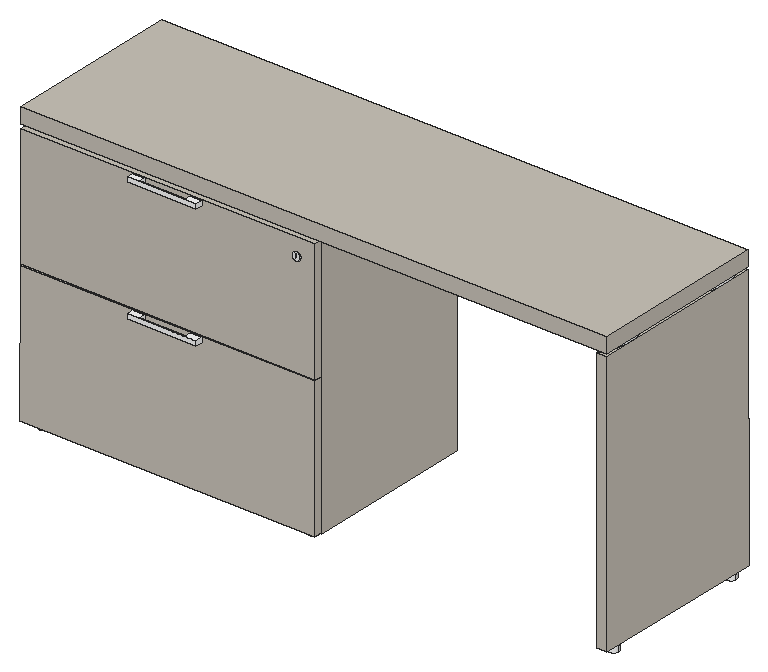
Revit family "Storage-Credenza-Teknion-B_ZUL_Single_Lateral_File-R2019", category Furniture, Revit 2019
Family settings
  OmniClass Number = 23.40.70.14.64.21
  OmniClass Title = Systems Furniture
  Work Plane-Based = No
  Always vertical = Yes
  Cut with Voids When Loaded = No
  Shared = Yes
  Room Calculation Point = No
Parameters (values of type "1-9/16" Thick WS, Wall Access Modesty Panel Style")
  Worksurface Thickness = 1.555"
  Worksurface Finish [instance] = Source Laminate - Teknion - DE - Latte
  Width [instance] = 60.000"
  Warranty = "http://www.teknion.com/ca/papers/legal-canada"
  Wall Access Modesty Panel Style = not([Flush, Full Modesty Panel Style])  # yes
  Unit Weight URL = "http://www.teknion.com/pricing/expansion-casegoods/pdfs/wv.pdf"
  URL = "http://www.teknion.com/"
  Sustainability Data = "http://www.teknion.com/about-teknion/environment/datasheets.asp"
  Storage Width [instance] = 30.000"
  Series = "Expansion Casegoods"  # constant formula
  Rectangular Grommet [instance] = no
  Product Page URL = "http://www.teknion.com/ca/products/product-details?productlineid=0053336e-8e7a-673b-a6c8-ff00004460c4"
  Product Line = "Expansion Casegoods"  # constant formula
  Product Documentation Link = "http://www.teknion.com/pricing/expansion-casegoods/pdfs/B_ZUL_ppg.pdf"
  Part Number = "B_ZUL"  # constant formula
  Hardware and Pull Finish [instance] = Mica - Teknion - V - Satin - Very White
  Drawer Front Finish [instance] = Source Laminate - Teknion - DE - Latte
  Case, Modesty Panel and Gable Finish [instance] = Source Laminate - Teknion - DE - Latte
  Available Widths [instance] = "60, 66, 72, 78, or 84 inches."  # constant formula
  No Grommet Option [instance] = not(or(Elliptical Grommet, Rectangular Grommet))  # yes
  Modesty Panel Height Offset [instance] = if(Wall Access Modesty Panel Style, 19.752", 0.000")  # 19.752"
  Modesty Panel Grommet [instance] = not(or(No Grommet Option, Wall Access Modesty Panel Style))  # no
  Model = "BXZUL9________"
  Manufacturer Phone = "416-661-3370"
  Manufacturer Fax = "416.661.4586"
  Manufacturer Contact Information = "http://www.teknion.com/ca/contactus"
  Manufacturer Address = "1150 Flint Road, Toronto, ON. M3J 2J5. Canada"
  Manufacturer = "Teknion"  # constant formula
  Grommet Option [instance] = "Please choose one of the following options below."  # constant formula
  Grommet Finish [instance] = Mica - Teknion - V - Satin - Very White
  Flush, Full Modesty Panel Style = no
  Elliptical Grommet [instance] = no
  Description = "Credenza with Single Lateral File, 1-9/16\" Worksurface Thickness, Wall Access Modesty Panel Style"
  Depth [instance] = 18.000"
  Available Storage Widths [instance] = "30 or 36 inches."  # constant formula
  Available Depths [instance] = "18 or 24 inches."  # constant formula
  Assembly Code = "E2020200"
  Actual Width [instance] = if(Width = 60.000", 59.700", if(Width = 66.000", 65.670", if(Width = 72.000", 71.640", if(Width = 78.000", 77.610", 83.580"))))  # 59.700"
Types (6): name | Worksurface Thickness | Wall Access Modesty Panel Style | Modesty Panel Height Offset | Model | Flush, Full Modesty Panel Style | Description
  1" Thick WS, Flush, Full Modesty Panel Style | 1.01575" | no | 0.000" | "BDZUL1________" | yes | "Credenza with Single Lateral File, 1\" Worksurface Thickness, Flush, Full Modesty Panel Style"
  1" Thick WS, Wall Access Modesty Panel Style | 1.016" | yes | 19.752" | "BDZUL9________" | no | "Credenza with Single Lateral File, 1\" Worksurface Thickness, Wall Access Modesty Panel Style"
  1-3/16" Thick WS, Wall Access Modesty Panel Style | 1.189" | yes | 19.752" | "BMZUL9________" | no | "Credenza with Single Lateral File, 1-3/16\" Worksurface Thickness, Wall Access Modesty Panel Style"
  1-3/16" Thick WS, Flush, Full Modesty Panel Style | 1.189" | no | 0.000" | "BMZUL1________" | yes | "Credenza with Single Lateral File, 1-3/16\" Worksurface Thickness, Flush, Full Modesty Panel Style"
  1-9/16" Thick WS, Flush, Full Modesty Panel Style | 1.555" | no | 0.000" | "BXZUL1________" | yes | "Credenza with Single Lateral File, 1-9/16\" Worksurface Thickness, Flush, Full Modesty Panel Style"
  1-9/16" Thick WS, Wall Access Modesty Panel Style | 1.555" | yes | 19.752" | "BXZUL9________" | no | "Credenza with Single Lateral File, 1-9/16\" Worksurface Thickness, Wall Access Modesty Panel Style"
Reference planes (in)
  plane 1 "Center F/B": y = 0
  plane 2 "Bottom": z = 0
  plane 3 "Center L/R": x = 0
  plane 4 "Left": x = -29.85
  plane 5 "Right": x = 29.85
  plane 6 "Back": y = 9
  plane 7 "Front": y = -9
  plane 8 "Top": z = 29.36209
  plane 9: z = 27.80709
  plane 10: x = 0.15
  plane 11 "Pedestal Bottom": z = 0.60236
  plane 12 "Wall Access Top": z = 27.48031
  plane 13: x = 28.83299
  plane 14: x = -14.85
  plane 15 "Plan Representation": z = 65.25
  plane 16: x = -14.85
  plane 17: x = -14.85
  plane 18: x = 14.4915
Forms (in)
  Sweep 1, solid, material "Source Laminate - Teknion - DE - Latte" <- "Case, Modesty Panel and Gable Finish"
    path origin (0, 0, 0) x (1, 0, 0) y (0, 0, 1)
      loop
        line (0.15, 0.60236) -> (0.15, 27.48031)
    profile origin (0.15, 0, 14.04134) x (-1, 0, 0) y (0, -1, 0)
      loop
        line (30, -9) -> (30, 8.16142) -> (0, 8.16142) -> (0, -9) -> (30, -9)
  Sweep 2, solid, material "Source Laminate - Teknion - DE - Latte" <- "Worksurface Finish"
    path origin (0, 0, 0) x (1, 0, 0) y (0, 0, 1)
      loop
        line (0, 29.36209) -> (0, 27.80709)
    profile origin (0, 0, 28.58459) x (0, -1, 0) y (1, 0, 0)
      loop
        line (-9, -29.85) -> (9, -29.85) -> (9, 29.85) -> (-9, 29.85) -> (-9, -29.85)
  Sweep 3, solid, material "Source Laminate - Teknion - DE - Latte" <- "Drawer Front Finish"
    path origin (0, 0, 0) x (0, 1, 0) y (0, 0, 1)
      loop
        line (-8.29921, 0.60236) -> (-9, 0.60236)
    profile origin (0, -8.64961, 0.60236) x (0, 0, -1) y (1, 0, 0)
      loop
        line (-14.27953, -29.85) -> (-0.11811, -29.85) -> (-0.11811, 0.15) -> (-14.27953, 0.15) -> (-14.27953, -29.85)
      loop
        line (-26.75984, -29.85) -> (-14.39764, -29.85) -> (-14.39764, 0.15) -> (-26.75984, 0.15) -> (-26.75984, -29.85)
  Sweep 4, solid, material "Mica - Teknion - V - Satin - Very White" <- "Hardware and Pull Finish"
    path origin (0, 0, 0) x (1, 0, 0) y (0, 0, 1)
      loop
        line (0.15, 0) -> (0.15, 0.60236)
    profile origin (0.15, 0, 0.30118) x (-1, 0, 0) y (0, -1, 0)
      loop
        circle (28.74, -7.74807) r 0.5
      loop
        circle (1.26, -7.74807) r 0.5
      loop
        circle (28.74, 7.61028) r 0.5
      loop
        circle (1.26, 7.61028) r 0.5
      loop
        circle (-29.19219, 7.47787) r 0.5
      loop
        circle (-29.19219, -7.4812) r 0.5
  Sweep 5, solid, material "Source Laminate - Teknion - DE - Latte" <- "Case, Modesty Panel and Gable Finish"
    path origin (0, 0, 0) x (1, 0, 0) y (0, 1, 0)
      loop
        line (0, 7.8661) -> (0, 6.85035)
    profile origin (0, 7.35823, 0) x (1, 0, 0) y (0, 0, 1)
      loop
        line (28.83299, 20.35436) -> (28.83299, 27.48031) -> (0.15, 27.48031) -> (0.15, 20.35436) -> (28.83299, 20.35436)
  Sweep 6, solid, material "Source Laminate - Teknion - DE - Latte" <- "Case, Modesty Panel and Gable Finish"
    path origin (0, 0, 0) x (1, 0, 0) y (0, 0, 1)
      loop
        line (29.85, 27.53543) -> (29.85, 0.60236)
    profile origin (29.85, 0, 14.0689) x (0, -1, 0) y (1, 0, 0)
      loop
        line (-9, 0) -> (-9, -1.01701) -> (9, -1.01701) -> (9, 0) -> (-9, 0)
  Sweep 7, solid, material "Mica - Teknion - V - Satin - Very White" <- "Hardware and Pull Finish"
    path origin (0, 0, 0) x (0, 1, 0) y (0, 0, 1)
      loop
        line (9, 27.53543) -> (9, 27.80709)
    profile origin (0, 9, 27.67126) x (0, -1, 0) y (1, 0, 0)
      loop
        spline (12.48324, 28.83299) -> (12.57239, 28.59045) -> (12.83376, 28.36443) -> (13.24955, 28.17034) -> (13.79141, 28.02141) -> (14.42242, 27.92779) -> (15.09958, 27.89586) -> (15.77673, 27.92779) -> (16.40775, 28.02141) -> (16.94961, 28.17034) -> (17.36539, 28.36443) -> (17.62676, 28.59045) -> (17.71591, 28.83299)
        spline (17.71591, 28.83299) -> (17.62676, 29.07554) -> (17.36539, 29.30156) -> (16.94961, 29.49565) -> (16.40775, 29.64458) -> (15.77673, 29.7382) -> (15.09958, 29.77013) -> (14.42242, 29.7382) -> (13.79141, 29.64458) -> (13.24955, 29.49565) -> (12.83376, 29.30156) -> (12.57239, 29.07554) -> (12.48324, 28.83299)
      loop
        spline (0.28366, 28.83299) -> (0.37281, 28.59045) -> (0.63419, 28.36443) -> (1.04997, 28.17034) -> (1.59183, 28.02141) -> (2.22284, 27.92779) -> (2.9, 27.89586) -> (3.57716, 27.92779) -> (4.20817, 28.02141) -> (4.75003, 28.17034) -> (5.16581, 28.36443) -> (5.42719, 28.59045) -> (5.51634, 28.83299)
        spline (5.51634, 28.83299) -> (5.42719, 29.07554) -> (5.16581, 29.30156) -> (4.75003, 29.49565) -> (4.20817, 29.64458) -> (3.57716, 29.7382) -> (2.9, 29.77013) -> (2.22284, 29.7382) -> (1.59183, 29.64458) -> (1.04997, 29.49565) -> (0.63419, 29.30156) -> (0.37281, 29.07554) -> (0.28366, 28.83299)
  Sweep 8, void
    path origin (0, 0, 0) x (1, 0, 0) y (0, 1, 0)
      loop
        line (-29.85, -9) -> (-29.85, -9.632)
    profile origin (-29.85, -9.316, 0) x (1, 0, 0) y (0, 0, 1)
      loop
        line (12.675, 14.8622) -> (12.675, 14.36221) -> (17.325, 14.36221) -> (17.325, 14.8622) -> (12.675, 14.8622)
      loop
        line (12.675, 27.34552) -> (12.675, 26.84252) -> (17.325, 26.84252) -> (17.325, 27.34552) -> (12.675, 27.34552)
  Sweep 9, solid, material "Mica - Teknion - V - Satin - Very White" <- "Hardware and Pull Finish"
    path origin (-14.75, 0, 12) x (1, 0, 0) y (0, 1, 0)
      loop
        line (-29.85, -9) -> (-29.85, -9.75)
    profile origin (-44.6, -9.375, 12) x (1, 0, 0) y (0, 0, 1)
      loop
        line (26.25, 15.31252) -> (26.25, 14.84252) -> (33.25, 14.84252) -> (33.25, 15.31252) -> (26.25, 15.31252)
      loop
        line (26.25, 2.36221) -> (33.25, 2.36221) -> (33.25, 2.8622) -> (26.25, 2.8622) -> (26.25, 2.36221)
  Sweep 10, solid, material "Mica - Teknion - V - Satin - Very White" <- "Hardware and Pull Finish"
    path origin (60, -9, 48) x (1, 0, 0) y (0, 0, 1)
      loop
        line (-42.5085, -20.51969) -> (-42.5085, -20.19291)
    profile origin (17.4915, -9, 27.6437) x (-1, 0, 0) y (0, -1, 0)
      loop
        line (46.55409, -1.48819) -> (18.1289, -1.48819) -> (18.1289, -17.2126) -> (46.55409, -17.2126) -> (46.55409, -1.48819)
  Sweep 11, solid, material "Metal - Teknion - C6 - Chrome"
    path origin (0, 0, 0) x (1, 0, 0) y (0, 1, 0)
      loop
        line (-1.70039, -9) -> (-1.70039, -9.05905)
    profile origin (-1.70039, -9.02953, 0) x (1, 0, 0) y (0, 0, 1)
      loop
        line (0.04921, 25.81693) -> (-0.04922, 25.81693) -> (-0.04922, 25.44291) -> (0.04921, 25.44291) -> (0.04921, 25.81693)
      loop
        circle (0, 25.62992) r 0.3937
  Sweep 12, solid, material "Mica - Teknion - V - Satin - Very White" <- "Grommet Finish", visible <- "Modesty Panel Grommet"
    path origin (0, 0, 0) x (1, 0, 0) y (0, 1, 0)
      loop
        line (14.35527, 7.8661) -> (14.35527, 7.9911)
    profile origin (14.35527, 7.9286, 0) x (-1, 0, 0) y (0, 0, 1)
      loop
        spline (2.7291, 24) -> (2.63147, 24.30497) -> (2.34522, 24.58916) -> (1.88987, 24.83319) -> (1.29644, 25.02045) -> (0.60538, 25.13816) -> (-0.13623, 25.17831) -> (-0.87783, 25.13816) -> (-1.56889, 25.02045) -> (-2.16232, 24.83319) -> (-2.61767, 24.58916) -> (-2.90392, 24.30497) -> (-3.00156, 24)
        spline (-3.00156, 24) -> (-2.90392, 23.69503) -> (-2.61767, 23.41084) -> (-2.16232, 23.16681) -> (-1.56889, 22.97955) -> (-0.87783, 22.86184) -> (-0.13623, 22.82169) -> (0.60538, 22.86184) -> (1.29644, 22.97955) -> (1.88987, 23.16681) -> (2.34522, 23.41084) -> (2.63147, 23.69503) -> (2.7291, 24)
      loop
        arc (1.75806, 23.20687) -> (-0.13623, 23.57789) -> (-2.03051, 23.20687) r 5.02133
        arc (-2.03051, 23.20687) -> (-0.13623, 22.92852) -> (1.75806, 23.20687) r 6.58468
      loop
        arc (1.75806, 24.79313) -> (-0.13623, 25.0662) -> (-2.03051, 24.79313) r 6.70677
        arc (-2.03051, 24.79313) -> (-0.13623, 24.421) -> (1.75806, 24.79313) r 5.00744
  Sweep 13, solid, material "Mica - Teknion - V - Satin - Very White" <- "Grommet Finish", visible <- "Elliptical Grommet"
    path origin (60, -9, 48) x (1, 0, 0) y (0, 0, 1)
      loop
        line (-35.08292, -18.63791) -> (-35.08292, -18.51291)
    profile origin (24.91708, -9, 29.42459) x (-1, 0, 0) y (0, -1, 0)
      loop
        spline (-2.80006, -14.68504) -> (-2.70239, -14.99001) -> (-2.41604, -15.27419) -> (-1.96053, -15.51823) -> (-1.36688, -15.70549) -> (-0.67557, -15.8232) -> (0.06629, -15.86335) -> (0.80816, -15.8232) -> (1.49947, -15.70549) -> (2.09311, -15.51823) -> (2.54863, -15.27419) -> (2.83498, -14.99001) -> (2.93264, -14.68504)
        spline (2.93264, -14.68504) -> (2.83498, -14.38007) -> (2.54863, -14.09588) -> (2.09311, -13.85185) -> (1.49947, -13.66459) -> (0.80816, -13.54688) -> (0.06629, -13.50673) -> (-0.67557, -13.54688) -> (-1.36688, -13.66459) -> (-1.96053, -13.85185) -> (-2.41604, -14.09588) -> (-2.70239, -14.38007) -> (-2.80006, -14.68504)
      loop
        arc (1.96058, -15.47817) -> (0.06629, -15.10705) -> (-1.82799, -15.47817) r 5.02
        arc (-1.82799, -15.47817) -> (0.06629, -15.75081) -> (1.96058, -15.47817) r 6.71683
      loop
        arc (1.96058, -13.89191) -> (0.06629, -13.61927) -> (-1.82799, -13.89191) r 6.71683
        arc (-1.82799, -13.89191) -> (0.06629, -14.26303) -> (1.96058, -13.89191) r 5.02
  Sweep 14, solid, material "Mica - Teknion - V - Satin - Very White" <- "Grommet Finish", visible <- "Rectangular Grommet"
    path origin (60, -9, 48) x (1, 0, 0) y (0, 0, 1)
      loop
        line (-35.14921, -18.63791) -> (-35.14921, -18.48069)
    profile origin (24.85079, -9, 29.4407) x (-1, 0, 0) y (0, -1, 0)
      loop
        line (-0.47688, -16.10707) -> (3.3292, -16.10707) -> (3.3292, -13.26301) -> (-0.47688, -13.26301) -> (-0.47688, -14.47237) -> (1.80172, -14.47237) -> (1.80172, -14.89771) -> (-0.47688, -14.89771) -> (-0.47688, -16.10707)
  Sweep 15, solid, material "Mica - Teknion - V - Satin - Very White" <- "Grommet Finish", visible <- "Rectangular Grommet"
    path origin (60, -9, 48) x (1, 0, 0) y (0, 0, 1)
      loop
        line (-33.66701, -18.63791) -> (-33.66701, -18.48069)
    profile origin (26.33299, -9, 29.4407) x (-1, 0, 0) y (0, -1, 0)
      loop
        line (1.00532, -13.26301) -> (-1.84291, -13.26301) -> (-1.84291, -16.10707) -> (1.00532, -16.10707) -> (1.00532, -13.26301)
Cuts and joins
  Sweep 8 cuts Sweep 9
  joined: Sweep 4, Sweep 7, Sweep 9
Lines and regions (in)
  Masking region 1
    outline origin (0, 0, 29.36209) x (-1, 0, 0) y (0, -1, 0)
      loop
        line (29.85, -9) -> (29.85, 9) -> (-29.85, 9) -> (-29.85, -9) -> (29.85, -9)
  Masking region 2
    outline origin (0, 0, 29.36209) x (-1, 0, 0) y (0, -1, 0)
      loop
        line (18.35, 9.75) -> (11.35, 9.75) -> (11.35, 9) -> (18.35, 9) -> (18.35, 9.75)
  Masking region 3
    outline origin (0, 0, 0) x (1, 0, 0) y (0, 1, 0)
      loop
        line (-2.09409, -9.05905) -> (-1.3067, -9.05905) -> (-1.3067, -9) -> (-2.09409, -9) -> (-2.09409, -9.05905)
  symbolic lines, style "Hidden Lines", detail levels medium+fine
    curve 1: line (28.83299, 9, 65.25) -> (28.83299, -9, 65.25)
    curve 2: line (0.15, 9, 65.25) -> (0.15, -9, 65.25)
    curve 3: line (28.83299, 7.8661, 65.25) -> (0.15, 7.8661, 65.25)
    curve 4: line (28.83299, 6.85035, 65.25) -> (0.15, 6.85035, 65.25)
    curve 5: line (-29.85, -8.16142, 0) -> (0.15, -8.16142, 0)
  symbolic lines, style "Hidden Lines", detail levels fine
    curve 6: arc (-29.09, -7.61028, 0) -> (-28.59, -8.11028, 0) -> (-28.09, -7.61028, 0) r 0.5
    curve 7: arc (-28.09, -7.61028, 0) -> (-28.59, -7.11028, 0) -> (-29.09, -7.61028, 0) r 0.5
    curve 8: arc (-0.61, -7.61028, 0) -> (-1.11, -7.11028, 0) -> (-1.61, -7.61028, 0) r 0.5
    curve 9: arc (-1.61, -7.61028, 0) -> (-1.11, -8.11028, 0) -> (-0.61, -7.61028, 0) r 0.5
    curve 10: arc (-1.61, 7.74807, 0) -> (-1.11, 7.24807, 0) -> (-0.61, 7.74807, 0) r 0.5
    curve 11: arc (-0.61, 7.74807, 0) -> (-1.11, 8.24807, 0) -> (-1.61, 7.74807, 0) r 0.5
    curve 12: arc (-29.09, 7.74807, 0) -> (-28.59, 7.24807, 0) -> (-28.09, 7.74807, 0) r 0.5
    curve 13: arc (-28.09, 7.74807, 0) -> (-28.59, 8.24807, 0) -> (-29.09, 7.74807, 0) r 0.5
    curve 14: arc (28.84219, 7.4812, 0) -> (29.34219, 6.9812, 0) -> (29.84219, 7.4812, 0) r 0.5
    curve 15: arc (29.84219, 7.4812, 0) -> (29.34219, 7.9812, 0) -> (28.84219, 7.4812, 0) r 0.5
    curve 16: arc (29.84219, -7.47787, 0) -> (29.34219, -6.97787, 0) -> (28.84219, -7.47787, 0) r 0.5
    curve 17: arc (28.84219, -7.47787, 0) -> (29.34219, -7.97787, 0) -> (29.84219, -7.47787, 0) r 0.5
    curve 31: line (-29.06259, 8.2126, 0) -> (-29.06259, -7.51181, 0)
    curve 32: line (-0.6374, 8.2126, 0) -> (-29.06259, 8.2126, 0)
    curve 33: line (-0.6374, -7.51181, 0) -> (-0.6374, 8.2126, 0)
    curve 34: line (-29.06259, -7.51181, 0) -> (-0.6374, -7.51181, 0)
  symbolic lines
    curve 18: line (-17.175, -9, 0) -> (-17.175, -9.632, 0)
    curve 19: line (-17.175, -9.632, 0) -> (-12.525, -9.632, 0)
    curve 20: line (-12.525, -9.632, 0) -> (-12.525, -9, 0)
  reference lines, not visible
    curve 21: line (-29.85, 9, 0) -> (29.85, 9, 0)
    curve 22: line (29.85, 9, 0) -> (29.85, -9, 0)
    curve 23: line (29.85, -9, 0) -> (-29.85, -9, 0)
    curve 24: line (-29.85, 9, 0) -> (-29.85, -9, 0)
  symbolic lines, visible <- "Elliptical Grommet"
    curve 25: spline (21.98444, 5.68504, 0) -> (22.0821, 5.99001, 0) -> (22.36845, 6.27419, 0) -> (22.82397, 6.51823, 0) -> (23.41761, 6.70549, 0) -> (24.10892, 6.8232, 0) -> (24.85079, 6.86335, 0) -> (25.59266, 6.8232, 0) -> (26.28396, 6.70549, 0) -> (26.87761, 6.51823, 0) -> (27.33312, 6.27419, 0) -> (27.61947, 5.99001, 0) -> (27.71714, 5.68504, 0)
    curve 26: spline (27.71714, 5.68504, 0) -> (27.61947, 5.38007, 0) -> (27.33312, 5.09588, 0) -> (26.87761, 4.85185, 0) -> (26.28396, 4.66459, 0) -> (25.59266, 4.54688, 0) -> (24.85079, 4.50673, 0) -> (24.10892, 4.54688, 0) -> (23.41761, 4.66459, 0) -> (22.82397, 4.85185, 0) -> (22.36845, 5.09588, 0) -> (22.0821, 5.38007, 0) -> (21.98444, 5.68504, 0)
    curve 27: arc (22.9565, 6.47817, 0) -> (24.85079, 6.10705, 0) -> (26.74507, 6.47817, 0) r 5.02
    curve 28: arc (26.74507, 6.47817, 0) -> (24.85079, 6.75081, 0) -> (22.9565, 6.47817, 0) r 6.71683
    curve 29: arc (26.74507, 4.89191, 0) -> (24.85079, 5.26303, 0) -> (22.9565, 4.89191, 0) r 5.02
    curve 30: arc (22.9565, 4.89191, 0) -> (24.85079, 4.61927, 0) -> (26.74507, 4.89191, 0) r 6.71683
  symbolic lines, visible <- "Rectangular Grommet"
    curve 35: line (21.52159, 7.10707, 0) -> (21.52159, 4.26301, 0)
    curve 36: line (21.52159, 4.26301, 0) -> (25.32767, 4.26301, 0)
    curve 37: line (25.32767, 4.26301, 0) -> (28.1759, 4.26301, 0)
    curve 38: line (28.1759, 4.26301, 0) -> (28.1759, 7.10707, 0)
    curve 39: line (28.1759, 7.10707, 0) -> (25.32767, 7.10707, 0)
    curve 40: line (25.32767, 7.10707, 0) -> (21.52159, 7.10707, 0)
    curve 41: line (25.32767, 7.10707, 0) -> (25.32767, 4.26301, 0)
    curve 42: line (23.04907, 5.89771, 0) -> (25.32767, 5.89771, 0)
    curve 43: line (23.04907, 5.47237, 0) -> (23.04907, 5.89771, 0)
    curve 44: line (25.32767, 5.47237, 0) -> (23.04907, 5.47237, 0)
Dimensions and locks (in)
  equal spacing: plane 4 "Left", plane 3 "Center L/R", plane 5 "Right"
  equal spacing: plane 6 "Back", plane 1 "Center F/B", plane 7 "Front"
  "Depth": plane 6 "Back" to plane 7 "Front"
  "Worksurface Thickness": plane 8 "Top" to plane 9
  "Storage Width": plane 4 "Left" to plane 10
  locked: Sweep 3 sketch curve to level at 0.72047
  locked: Sweep 3 sketch curve to level at 14.88189
  locked: Sweep 3 sketch curve to level at 15
  locked: Sweep 3 sketch curve to level at 27.36221
  locked: plane 6 "Back" to Sweep 4 sketch curve at 1.25193
  locked: Sweep 4 sketch curve to plane 7 "Front" at 1.38972  (x2)
  locked: Sweep 2 to Sweep 4 sketch curve at 1.25193
  locked: Sweep 4 sketch curve to plane 5 "Right" at 0.50781  (x2)
  locked: Sweep 4 sketch curve to plane 10 at 1.26  (x2)
  locked: plane 6 "Back" to Sweep 4 sketch curve at 1.5188
  locked: Sweep 4 sketch curve to plane 7 "Front" at 1.52213
  locked: plane 6 "Back" to Sweep 5 sketch curve at 1.1339
  locked: plane 6 "Back" to Sweep 5 sketch curve at 2.14965
  locked: Sweep 8 sketch curve to plane 7 "Front" at 0.632
  equal spacing: Sweep 8 sketch curve, plane 14, Sweep 8 sketch curve, locked at 2.325 each  (x2)
  Sweep 8 sketch curve to Sweep 8 sketch curve to level = 0.500" locked, 14.36221" locked
  locked: plane 15 "Plan Representation" to plane 2 "Bottom" at 65.25
  locked: plane 4 "Left" to Sweep 4 sketch curve at 1.26  (x2)
  equal spacing: plane 10, plane 14, plane 4 "Left"
  equal spacing: Sweep 9 sketch curve, plane 16, Sweep 9 sketch curve, locked at 3.5 each  (x2)
  locked: Sweep 9 sketch curve to Sweep 9 sketch curve at 0.47
  Sweep 9 sketch curve to Sweep 9 sketch curve to Sweep 9 sketch curve to level = 11.98032" locked, 0.500" locked, 14.36221" locked
  equal spacing: plane 10, plane 16, plane 4 "Left"
  locked: plane 13 to plane 5 "Right" at 1.01701
  "Actual Width": plane 4 "Left" to plane 5 "Right"
  plane 11 "Pedestal Bottom" to plane 2 "Bottom" = 0.60236"
  locked: plane 9 to Sweep 1 sketch curve at 0.32677
  locked: Sweep 3 sketch curve to plane 7 "Front" at 0.70079
  Sweep 8 sketch curve to Sweep 8 sketch curve to plane 2 "Bottom" = 0.503" locked, 26.84252" locked
  locked: plane 9 to plane 2 "Bottom" at 27.80709
  equal spacing: plane 4 "Left", plane 17, plane 10
  "Modesty Panel Height Offset": Sweep 5 sketch curve to plane 11 "Pedestal Bottom"
  locked: plane 9 to plane 12 "Wall Access Top" at 0.32677
  locked: plane 9 to Sweep 7 sketch curve at 0.27165
  locked: plane 7 "Front" to Sweep 1 sketch curve at 0.83858
  locked: Sweep 6 sketch curve to plane 12 "Wall Access Top" at 0.05512
  locked: plane 6 "Back" to Sweep 10 sketch curve at 0.7874
  locked: plane 4 "Left" to Sweep 10 sketch curve at 0.78741
  locked: plane 7 "Front" to Sweep 10 sketch curve at 1.48819
  locked: Sweep 10 sketch curve to plane 10 at 0.7874
  locked: plane 7 "Front" to Sweep 7 sketch curve at 2.90042
  Sweep 7 sketch curve to Sweep 7 sketch curve to plane 5 "Right" = 0.000" locked, 1.01701" locked
  locked: plane 6 "Back" to Sweep 7 sketch curve at 2.9
  locked: Sweep 11 sketch curve to plane 7 "Front" at 0.05905
  plane 10 to Sweep 11 sketch curve to Sweep 11 sketch curve to Sweep 11 sketch curve = 1.80118" locked, 0.04921" locked, 0.04921" locked
  Sweep 11 sketch curve to Sweep 11 sketch curve to Sweep 11 sketch curve to plane 12 "Wall Access Top" = 0.18701" locked, 0.18701" locked, 1.66338" locked
  plane 6 "Back" to Sweep 12 sketch curve to Sweep 12 sketch curve = 1.0089" locked, 0.125" locked
  Sweep 12 sketch curve to Sweep 12 sketch curve to plane 12 "Wall Access Top" to Sweep 12 sketch curve to Sweep 12 sketch curve to Sweep 12 sketch curve = 0.08475" locked, 1.94813" locked, 3.48031" locked, 5.44345" locked, 0.19713" locked
  locked: Sweep 13 sketch curve to plane 8 "Top" at 0.125
  Sweep 13 sketch curve to Sweep 13 sketch curve to Sweep 13 sketch curve to Sweep 13 sketch curve to Sweep 13 sketch curve to plane 5 "Right" = 0.000" locked, 0.000" locked, 0.000" locked, 0.000" locked, 4.99921" locked
  Sweep 13 sketch curve to Sweep 13 sketch curve to plane 6 "Back" to Sweep 13 sketch curve to Sweep 13 sketch curve to Sweep 13 sketch curve = 0.20905" locked, 2.12705" locked, 3.31496" locked, 5.44201" locked, 0.20905" locked
  locked: curve 26 to plane 5 "Right" at 4.99921
  locked: plane 6 "Back" to curve 26 at 3.31496
  equal spacing: plane 13, plane 18, plane 10
  locked: Sweep 14 sketch curve to plane 8 "Top" at 0.15723
  Sweep 14 sketch curve to Sweep 14 sketch curve to Sweep 14 sketch curve to Sweep 14 sketch curve to plane 5 "Right" = 1.52748" locked, 2.2786" locked, 0.000" locked, 4.52233" locked
  plane 6 "Back" to Sweep 14 sketch curve to Sweep 14 sketch curve to Sweep 14 sketch curve to Sweep 14 sketch curve = 1.89293" locked, 1.20936" locked, 0.42535" locked, 1.20936" locked
  locked: Sweep 15 sketch curve to plane 8 "Top" at 0.15723
  Sweep 15 sketch curve to Sweep 15 sketch curve to plane 5 "Right" = 2.84823" locked, 1.6741" locked
  plane 6 "Back" to Sweep 15 sketch curve to Sweep 15 sketch curve = 1.89293" locked, 2.84406" locked
  locked: Sweep 9 sketch curve to plane 7 "Front" at 0.75
  Masking region 3 sketch curve to Masking region 3 sketch curve to plane 10 = 0.78739" locked, 1.4567" locked
  locked: Masking region 3 sketch curve to plane 7 "Front" at 0.05905
  aligned and locked: level to plane 2 "Bottom"
  aligned and locked: plane 11 "Pedestal Bottom" to Sweep 1 sketch curve
  aligned and locked: plane 10 to Sweep 1 sketch curve
  aligned and locked: Sweep 1 sketch curve to plane 6 "Back"
  aligned and locked: plane 4 "Left" to Sweep 1 sketch curve
  aligned and locked: Sweep 1 sketch curve to profile plane
  aligned and locked: plane 8 "Top" to Sweep 2 sketch curve
  aligned and locked: Sweep 2 sketch curve to plane 3 "Center L/R"
  aligned and locked: plane 9 to Sweep 2 sketch curve
  aligned and locked: Sweep 2 sketch curve to Sweep 1  (x2)
  aligned and locked: plane 7 "Front" to Sweep 2 sketch curve
  aligned and locked: plane 5 "Right" to Sweep 2 sketch curve
  aligned and locked: Sweep 1 to Sweep 3 sketch curve
  aligned and locked: plane 7 "Front" to Sweep 3 sketch curve
  aligned and locked: plane 4 "Left" to Sweep 3 sketch curve
  aligned and locked: Sweep 3 sketch curve to plane 10  (x2)
  aligned and locked: level to Sweep 4 sketch curve
  aligned and locked: plane 10 to Sweep 4 sketch curve
  aligned and locked: plane 11 "Pedestal Bottom" to Sweep 4 sketch curve
  aligned and locked: Sweep 5 sketch curve to plane 3 "Center L/R"
  aligned and locked: Sweep 5 sketch curve to plane 13
  aligned and locked: plane 10 to Sweep 5 sketch curve
  aligned and locked: Sweep 5 sketch curve to plane 12 "Wall Access Top"
  aligned and locked: Sweep 6 sketch curve to plane 5 "Right"
  aligned and locked: plane 11 "Pedestal Bottom" to Sweep 6 sketch curve
  aligned and locked: Sweep 6 sketch curve to Sweep 2  (x2)
  aligned and locked: Sweep 6 sketch curve to plane 7 "Front"
  aligned and locked: plane 13 to Sweep 6 sketch curve
  aligned and locked: Sweep 2 to Sweep 7 sketch curve
  aligned and locked: Sweep 6 to Sweep 7 sketch curve
  aligned and locked: Sweep 8 sketch curve to Sweep 2
  aligned and locked: Sweep 2 to Sweep 8 sketch curve
  aligned and locked: Masking region 1 sketch curve to Sweep 6
  aligned and locked: plane 6 "Back" to curve 1
  aligned and locked: curve 1 to plane 13
  aligned and locked: plane 7 "Front" to curve 1
  aligned and locked: curve 2 to Sweep 1  (x2)
  aligned and locked: plane 7 "Front" to curve 2
  aligned and locked: curve 3 to Sweep 5
  aligned and locked: plane 10 to curve 3
  aligned and locked: curve 1 to curve 4
  aligned and locked: curve 4 to Sweep 5
  aligned and locked: Masking region 2 sketch curve to cut or joined group of Sweep 4, Sweep 7, Sweep 8, Sweep 9  (x2)
  aligned and locked: curve 5 to Sweep 1
  aligned and locked: curve 6 to cut or joined group of Sweep 4, Sweep 7, Sweep 8, Sweep 9
  aligned and locked: curve 7 to cut or joined group of Sweep 4, Sweep 7, Sweep 8, Sweep 9
  aligned and locked: curve 8 to cut or joined group of Sweep 4, Sweep 7, Sweep 8, Sweep 9
  aligned and locked: curve 9 to cut or joined group of Sweep 4, Sweep 7, Sweep 8, Sweep 9
  aligned and locked: curve 10 to cut or joined group of Sweep 4, Sweep 7, Sweep 8, Sweep 9
  aligned and locked: curve 11 to cut or joined group of Sweep 4, Sweep 7, Sweep 8, Sweep 9
  aligned and locked: curve 12 to cut or joined group of Sweep 4, Sweep 7, Sweep 8, Sweep 9
  aligned and locked: curve 13 to cut or joined group of Sweep 4, Sweep 7, Sweep 8, Sweep 9
  aligned and locked: curve 14 to cut or joined group of Sweep 4, Sweep 7, Sweep 8, Sweep 9
  aligned and locked: curve 15 to cut or joined group of Sweep 4, Sweep 7, Sweep 8, Sweep 9
  aligned and locked: curve 16 to cut or joined group of Sweep 4, Sweep 7, Sweep 8, Sweep 9
  aligned and locked: curve 17 to cut or joined group of Sweep 4, Sweep 7, Sweep 8, Sweep 9
  aligned and locked: curve 18 to cut or joined group of Sweep 4, Sweep 7, Sweep 8, Sweep 9
  aligned and locked: curve 19 to cut or joined group of Sweep 4, Sweep 7, Sweep 8, Sweep 9
  aligned and locked: curve 20 to cut or joined group of Sweep 4, Sweep 7, Sweep 8, Sweep 9
  aligned and locked: curve 21 to plane 6 "Back"
  aligned and locked: curve 22 to plane 5 "Right"
  aligned and locked: curve 23 to plane 7 "Front"
  aligned and locked: curve 24 to plane 4 "Left"
  aligned and locked: Sweep 3 sketch curve to plane 4 "Left"
  aligned and locked: plane 12 "Wall Access Top" to Sweep 10 sketch curve
  aligned and locked: plane 9 to Sweep 10 sketch curve
  aligned and locked: plane 7 "Front" to Sweep 11 sketch curve
  aligned and locked: Masking region 1 sketch curve to plane 6 "Back"
  aligned and locked: plane 4 "Left" to Masking region 1 sketch curve
  aligned and locked: Masking region 1 sketch curve to plane 7 "Front"
  aligned and locked: plane 8 "Top" to Sweep 13 sketch curve
  aligned and locked: curve 27 to Sweep 13
  aligned and locked: curve 28 to Sweep 13
  aligned and locked: curve 29 to Sweep 13
  aligned and locked: curve 30 to Sweep 13
  aligned and locked: plane 18 to Sweep 12 sketch curve  (x5)
  aligned and locked: plane 8 "Top" to Sweep 14 sketch curve
  aligned and locked: plane 8 "Top" to Sweep 15 sketch curve
  aligned and locked: Sweep 9 sketch curve to plane 7 "Front"
  aligned and locked: Masking region 3 sketch curve to plane 7 "Front"
  aligned and locked: curve 31 to Sweep 10
  aligned and locked: curve 32 to Sweep 10
  aligned and locked: curve 33 to Sweep 10
  aligned and locked: curve 34 to Sweep 10
  aligned and locked: curve 35 to Sweep 14
  aligned and locked: curve 36 to Sweep 14
  aligned and locked: curve 37 to Sweep 15
  aligned and locked: curve 38 to Sweep 15
  aligned and locked: curve 39 to Sweep 15
  aligned and locked: curve 40 to Sweep 14
  aligned and locked: curve 41 to Sweep 15
  aligned and locked: curve 42 to Sweep 14
  aligned and locked: curve 43 to Sweep 14
  aligned and locked: curve 44 to Sweep 14
Automatic sketch dimensions
  Sweep 9 sketch curve to plane 4 "Left" = 14.750"
  plane 7 "Front" to Masking region 2 sketch curve = 0.000"
  plane 7 "Front" to Masking region 2 sketch curve = 0.750"
  curve 5 to plane 4 "Left" = 0.000"
  curve 5 to plane 10 = 0.000"
  plane 7 "Front" to curve 18 = 0.000"
  plane 7 "Front" to curve 20 = 0.000"
  Sweep 8 sketch curve to plane 14 = 2.325"  (x2)
  Sweep 9 sketch curve to plane 16 = 3.500"  (x2)
  plane 3 "Center L/R" to Sweep 10 sketch curve = 17.4915"
  Sweep 7 sketch curve to Sweep 7 sketch curve = 2.61634"
  Sweep 7 sketch curve to profile plane = 0.28366"
  Sweep 11 sketch curve to plane 10 = 1.85039"
  profile plane to Sweep 13 sketch curve = 1.82799"
  Sweep 13 sketch curve to Sweep 13 sketch curve = 0.000"
  Sweep 13 sketch curve to Sweep 13 sketch curve = 0.97207"
  Sweep 13 sketch curve to Sweep 13 sketch curve = 0.79313"
  Sweep 13 sketch curve to Sweep 13 sketch curve = 1.58625"
  curve 25 to curve 29 = 0.97207"
  Sweep 12 sketch curve to Sweep 12 sketch curve = 0.000"
  Sweep 12 sketch curve to Sweep 12 sketch curve = 0.97105"
  Sweep 12 sketch curve to Sweep 12 sketch curve = 0.79313"  (x2)
  plane 10 to Sweep 12 sketch curve = 14.20527"
  Sweep 13 sketch curve to plane 13 = 3.91591"
  Sweep 12 sketch curve to plane 18 = 1.89428"
  Sweep 14 sketch curve to plane 13 = 3.98221"
  Sweep 15 sketch curve to plane 13 = 2.500"
  radius of Sweep 4 sketch curve = 0.500"  (x6)
  radius of Sweep 11 sketch curve = 0.3937"
